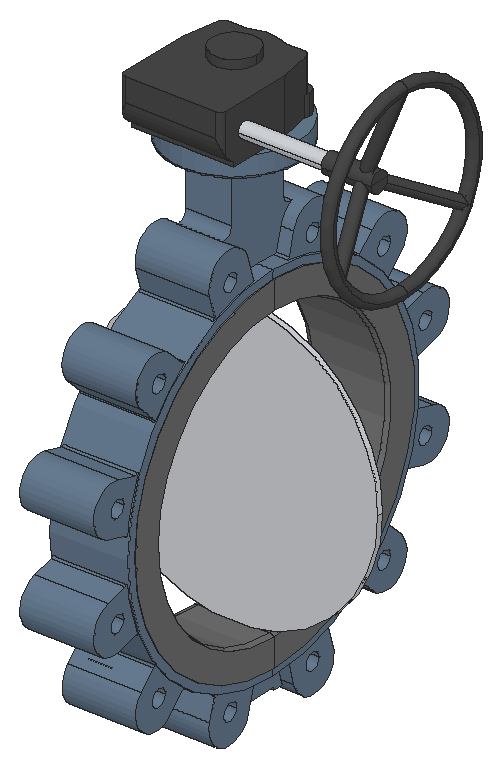
Revit family "HERZ Isolating Butterfly Valves AF-4219 with gearbox", category Rohrzubehör, Revit 2021 (continued)
Definition of nested family "Getriebe für Klappe DN50-DN200"
  Dimensions and locks
    "W01": angle Extrusion 1 sketch curve to Extrusion 1 sketch curve  (x2)
    aligned and locked: level to plane 2
  Automatic sketch dimensions
    Extrusion 3 sketch curve to level = 0 mm
    plane 1 "Mitte (Vorne/hinten)" to Extrusion 3 sketch curve = 80 mm
    Extrusion 3 sketch curve to Extrusion 3 sketch curve = 15.427 mm
    Extrusion 3 sketch curve to Extrusion 3 sketch curve = 13.173 mm
    level to Extrusion 3 sketch curve = 4.9 mm
    plane 1 "Mitte (Vorne/hinten)" to Extrusion 5 sketch curve = 0 mm
    Extrusion 5 sketch curve to plane 3 "Mitte (Links/rechts)" = 0 mm
    level to Revolve 7 sketch curve = 28.6 mm  (x2)
    plane 3 "Mitte (Links/rechts)" to Revolve 7 sketch curve = 172 mm
    level to Revolve 7 sketch curve = 26.361 mm
    Revolve 7 sketch curve to Revolve 7 sketch curve = 5.567 mm
    level to Revolve 7 sketch curve = 120.6 mm
    Revolve 7 sketch curve to Revolve 7 sketch curve = 0 mm  (x3)
    plane 3 "Mitte (Links/rechts)" to Revolve 10 sketch curve = 172 mm
    Revolve 10 sketch curve to Revolve 10 sketch curve = 5.567 mm
    Revolve 10 sketch curve to Revolve 10 sketch curve = 37 mm
    Revolve 10 sketch curve to Revolve 10 sketch curve = 2.239 mm
    Revolve 10 sketch curve to Revolve 10 sketch curve = 0 mm  (x4)
    plane 3 "Mitte (Links/rechts)" to Revolve 9 sketch curve = 172 mm
    Revolve 9 sketch curve to Revolve 9 sketch curve = 5.567 mm
    Revolve 9 sketch curve to Revolve 9 sketch curve = 37 mm
    Revolve 9 sketch curve to Revolve 9 sketch curve = 2.239 mm
    Revolve 9 sketch curve to Revolve 9 sketch curve = 0 mm  (x4)
    Extrusion 1 sketch curve to plane 3 "Mitte (Links/rechts)" = 0 mm
    plane 1 "Mitte (Vorne/hinten)" to Extrusion 1 sketch curve = 0 mm  (x2)
    Extrusion 1 sketch curve to plane 1 "Mitte (Vorne/hinten)" = 35.392 mm
    Extrusion 1 sketch curve to Extrusion 1 sketch curve = 18.48 mm  (x2)
    Extrusion 2 sketch curve to plane 3 "Mitte (Links/rechts)" = 35.7 mm
    plane 3 "Mitte (Links/rechts)" to Extrusion 2 sketch curve = 35.7 mm
    Revolve 4 sketch curve to plane 3 "Mitte (Links/rechts)" = 0 mm  (x2)
    Revolve 4 sketch curve to Revolve 4 sketch curve = 0 mm  (x2)
    Revolve 6 sketch curve to plane 3 "Mitte (Links/rechts)" = 1506.53 mm
    Revolve 6 sketch curve to Revolve 6 sketch curve = 1630.148 mm
    Revolve 8 sketch curve to Revolve 8 sketch curve = 7.5 mm
    Revolve 8 sketch curve to Revolve 8 sketch curve = 0 mm  (x2)
    radius of Extrusion 5 sketch curve = 22.3 mm
Definition of nested family "Getriebe für Klappe DN250-DN300"
  Parameters (values of type "Getriebe für Klappe DN250-DN300")
    W01 = 11.19°  # constant formula
    Default Elevation = 0 mm
    URL = "www.herz-armaturen.at"
    R07 = 92 mm  # constant formula
    R06 = 6 mm  # constant formula
    R05 = 10 mm  # constant formula
    R04 = 7.5 mm  # constant formula
    R03 = 10.5 mm  # constant formula
    R02 = 5.4 mm  # constant formula
    R01 = 44.9 mm  # constant formula
    M01 = 37 mm  # constant formula
    L03 = 52 mm  # constant formula
    L02 = 39.6 mm  # constant formula
    L01 = 80 mm  # constant formula
    Manufacturer = "Herz-Armaturen GmbH"  # constant formula
    H03 = 28.6 mm  # constant formula
    H02 = 20 mm  # constant formula
    H01 = 54 mm  # constant formula
    B05 = 209 mm  # constant formula
    B04 = 22 mm  # constant formula
    B03 = 50 mm  # constant formula
    B02 = 159 mm  # constant formula
    B01 = 51 mm  # constant formula
    A01 = 28.6 mm  # constant formula
  Reference planes
    plane 1 "Mitte (Vorne/hinten)": y = 0
    plane 2: z = 0
    plane 3 "Mitte (Links/rechts)": x = 0
  Forms (mm)
    Extrusion 1, solid, detail levels fine
      sketch origin (0, 0, 0) x (1, 0, 0) y (0, 1, 0)
        loop
          line (51, 0) -> (43.999, 35.392)
          arc (43.999, 35.392) -> (42.103, 38.419) -> (38.732, 39.6) r 5.4
          line (38.732, 39.6) -> (20.252, 39.6)
          arc (20.252, 39.6) -> (0, 44.427) -> (-20.252, 39.6) r 44.9
          line (-20.252, 39.6) -> (-38.732, 39.6)
          arc (-38.732, 39.6) -> (-42.103, 38.419) -> (-43.999, 35.392) r 5.4
          line (-43.999, 35.392) -> (-51, 0) -> (-51, -74.6)
          arc (-51, -74.6) -> (-49.418, -78.418) -> (-45.6, -80) r 5.4
          line (-45.6, -80) -> (45.6, -80)
          arc (45.6, -80) -> (49.418, -78.418) -> (51, -74.6) r 5.4
          line (51, -74.6) -> (51, 0)
      from 0 to 54
    Extrusion 2, solid, detail levels fine
      sketch origin (0, 0, 0) x (1, 0, 0) y (0, 1, 0)
        loop
          circle (-35.7, 37) r 10.5
        loop
          circle (35.7, 37) r 10.5
      from 0 to 20
    Extrusion 3, void
      sketch origin (0, 0, 0) x (0, 1, 0) y (0, 0, 1)
        loop
          line (-80, 0) -> (-64.573, 0) -> (-64.573, 4.9)
          arc (-64.573, 4.9) -> (-75.841, 15.433) -> (-80, 30.286) r 28.6
          line (-80, 30.286) -> (-80, 0)
      from -51 to 51
    Revolve 4, solid, detail levels fine
      sketch origin (0, 0, 28.6) x (1, 0, 0) y (0, 1, 0)
        loop
          line (0, -52) -> (0, -59.5) -> (159, -59.5) -> (159, -52) -> (0, -52)
        axis (0, -52) -> (159, -52)
      angle from 0 to 360
    Extrusion 5, solid, detail levels fine
      sketch origin (0, 0, 0) x (1, 0, 0) y (0, 1, 0)
        loop
          circle (0, 0) r 22.3
      from 54 to 62.5
    Revolve 6, solid, detail levels fine
      sketch origin (0, -52, 28.6) x (1, 0, 0) y (0, 0, 1)
        loop
          circle (209, 92) r 6
        axis (203, 0) -> (215, 0)
      angle from 0 to 360
    Revolve 7, solid, detail levels fine
      sketch origin (0, -52, 0) x (1, 0, 0) y (0, 0, 1)
        loop
          line (209, 120.6) -> (172, 28.6) -> (177.567, 26.361) -> (214.567, 118.361) -> (209, 120.6)
        axis (172, 28.6) -> (209, 120.6)
      angle from 0 to 360
    Revolve 8, solid, detail levels fine
      sketch origin (0, 0, 28.6) x (1, 0, 0) y (0, 1, 0)
        loop
          line (137, -59.5) -> (137, -62) -> (187, -62) -> (187, -52) -> (159, -52) -> (159, -59.5) -> (137, -59.5)
        axis (137, -52) -> (187, -52)
      angle from 0 to 360
    Revolve 9, solid, detail levels fine
      sketch origin (0, -27.232, 42.9) x (1, 0, 0) y (0, -0.866025, -0.5)
        loop
          line (209, 120.6) -> (172, 28.6) -> (177.567, 26.361) -> (214.567, 118.361) -> (209, 120.6)
        axis (172, 28.6) -> (209, 120.6)
      angle from 0 to 360
    Revolve 10, solid, detail levels fine
      sketch origin (0, -76.768, 42.9) x (1, 0, 0) y (0, 0.866025, -0.5)
        loop
          line (209, 120.6) -> (172, 28.6) -> (177.567, 26.361) -> (214.567, 118.361) -> (209, 120.6)
        axis (172, 28.6) -> (209, 120.6)
      angle from 0 to 360
  Cuts and joins
    Extrusion 3 cuts Extrusion 1
  Dimensions and locks
    "B01": Extrusion 1 sketch curve to plane 3 "Mitte (Links/rechts)"
    "B01": plane 3 "Mitte (Links/rechts)" to Extrusion 1 sketch curve
    "L02": plane 1 "Mitte (Vorne/hinten)" to Extrusion 1 sketch curve  (x2)
    "L01": Extrusion 1 sketch curve to plane 1 "Mitte (Vorne/hinten)"
    "M01": plane 1 "Mitte (Vorne/hinten)" to Extrusion 2 sketch curve  (x2)
    "H01": Extrusion 1 to plane 2
    "H02": Extrusion 2 to plane 2
    "L03": Revolve 4 sketch curve to plane 1 "Mitte (Vorne/hinten)"
    "R04": Revolve 4 sketch curve to Revolve 4 sketch curve
    "B02": Revolve 4 sketch curve to Revolve 4 sketch curve
    "H03": Revolve 8 to plane 2
    "H03": Revolve 4 to plane 2
    "L03": Revolve 8 sketch curve to plane 1 "Mitte (Vorne/hinten)"
    "B02": plane 3 "Mitte (Links/rechts)" to Revolve 8 sketch curve
    "R05": Revolve 8 sketch curve to Revolve 8 sketch curve
    "B03": Revolve 8 sketch curve to Revolve 8 sketch curve
    "B04": Revolve 8 sketch curve to Revolve 8 sketch curve
    "R04": Revolve 8 sketch curve to Revolve 8 sketch curve
    "B05": Revolve 6 sketch curve to plane 3 "Mitte (Links/rechts)"
    "R07": Revolve 6 sketch curve to Revolve 6 sketch curve
    "A01": plane 2 to Revolve 6 sketch curve
    "R02": radius of Extrusion 1 sketch curve  (x4)
    "R01": radius of Extrusion 1 sketch curve
    "R03": radius of Extrusion 2 sketch curve  (x2)
    "R06": radius of Revolve 6 sketch curve
    "W01": angle Extrusion 1 sketch curve to Extrusion 1 sketch curve  (x2)
    aligned and locked: level to plane 2
  Automatic sketch dimensions
    Extrusion 3 sketch curve to level = 0 mm
    plane 1 "Mitte (Vorne/hinten)" to Extrusion 3 sketch curve = 80 mm
    Extrusion 3 sketch curve to Extrusion 3 sketch curve = 15.427 mm
    Extrusion 3 sketch curve to Extrusion 3 sketch curve = 13.173 mm
    level to Extrusion 3 sketch curve = 4.9 mm
    plane 1 "Mitte (Vorne/hinten)" to Extrusion 5 sketch curve = 0 mm
    Extrusion 5 sketch curve to plane 3 "Mitte (Links/rechts)" = 0 mm
    level to Revolve 7 sketch curve = 28.6 mm  (x2)
    plane 3 "Mitte (Links/rechts)" to Revolve 7 sketch curve = 172 mm
    level to Revolve 7 sketch curve = 26.361 mm
    Revolve 7 sketch curve to Revolve 7 sketch curve = 5.567 mm
    level to Revolve 7 sketch curve = 120.6 mm
    Revolve 7 sketch curve to Revolve 7 sketch curve = 0 mm  (x3)
    plane 3 "Mitte (Links/rechts)" to Revolve 10 sketch curve = 172 mm
    Revolve 10 sketch curve to Revolve 10 sketch curve = 5.567 mm
    Revolve 10 sketch curve to Revolve 10 sketch curve = 37 mm
    Revolve 10 sketch curve to Revolve 10 sketch curve = 2.239 mm
    Revolve 10 sketch curve to Revolve 10 sketch curve = 0 mm  (x4)
    plane 3 "Mitte (Links/rechts)" to Revolve 9 sketch curve = 172 mm
    Revolve 9 sketch curve to Revolve 9 sketch curve = 5.567 mm
    Revolve 9 sketch curve to Revolve 9 sketch curve = 37 mm
    Revolve 9 sketch curve to Revolve 9 sketch curve = 2.239 mm
    Revolve 9 sketch curve to Revolve 9 sketch curve = 0 mm  (x4)
    Extrusion 1 sketch curve to plane 3 "Mitte (Links/rechts)" = 0 mm
    plane 1 "Mitte (Vorne/hinten)" to Extrusion 1 sketch curve = 0 mm  (x2)
    Extrusion 1 sketch curve to plane 1 "Mitte (Vorne/hinten)" = 35.392 mm
    Extrusion 1 sketch curve to Extrusion 1 sketch curve = 18.48 mm  (x2)
    Extrusion 2 sketch curve to plane 3 "Mitte (Links/rechts)" = 35.7 mm
    plane 3 "Mitte (Links/rechts)" to Extrusion 2 sketch curve = 35.7 mm
    Revolve 4 sketch curve to plane 3 "Mitte (Links/rechts)" = 0 mm  (x2)
    Revolve 4 sketch curve to Revolve 4 sketch curve = 0 mm  (x2)
    Revolve 6 sketch curve to plane 3 "Mitte (Links/rechts)" = 1506.53 mm
    Revolve 6 sketch curve to Revolve 6 sketch curve = 1630.148 mm
    Revolve 8 sketch curve to Revolve 8 sketch curve = 7.5 mm
    Revolve 8 sketch curve to Revolve 8 sketch curve = 0 mm  (x2)
    radius of Extrusion 5 sketch curve = 22.3 mm
